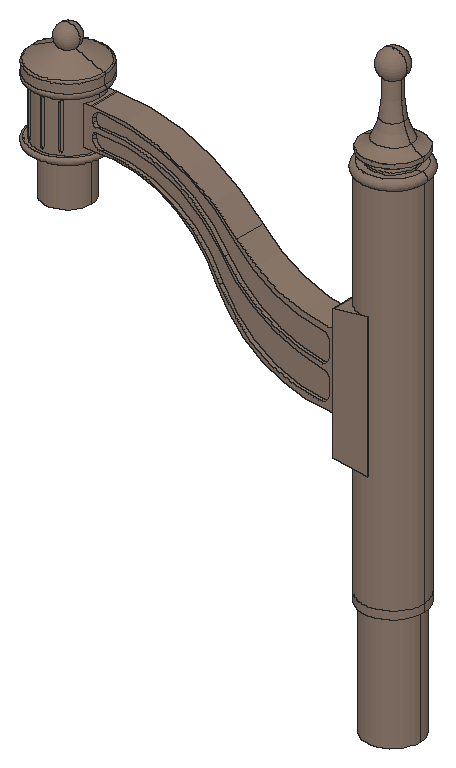
Revit family "PA611", category Generic Models, Revit 2014
Parameters
  TOP CAP = Bronze, Architectural
  TENON = Bronze, Architectural
  OUTLET = Bronze, Architectural
  BODY = Bronze, Architectural
  ARM = Bronze, Architectural
Reference planes (in)
  plane 1 "Center (Front/Back)": y = 0
  plane 2: z = 0
  plane 3 "Center (Left/Right)": x = 0
Forms (in)
  Revolve 1, solid, material "Bronze, Architectural" <- "TENON"
    sketch origin (0, 0, 0) x (1, 0, 0) y (0, 0, 1)
      loop
        line (-1.75, 0) -> (0, 0) -> (0, 8) -> (-1.75, 8) -> (-1.75, 0)
      axis (0, 8) -> (0, 0)
    angle from 0 to 360
  Revolve 2, solid, material "Bronze, Architectural" <- "TENON"
    sketch origin (0, 0, 0) x (1, 0, 0) y (0, 0, 1)
      loop
        line (-2, 8) -> (-2, 7.5) -> (0, 7.5) -> (0, 8) -> (-2, 8)
      axis (0, 7.5) -> (0, 8)
    angle from 0 to 360
  Revolve 3, solid, material "Bronze, Architectural" <- "TOP CAP"
    sketch origin (0, 0, 10.5) x (1, 0, 0) y (0, 0, 1)
      loop
        arc (0, 28.60256) -> (-0.84921, 28.00063) -> (-0.5625, 27) r 0.9
        arc (-0.5625, 27) -> (-0.5644, 25.81763) -> (-0.69523, 24.64252) r 10.82607
        arc (-0.69523, 24.64252) -> (-0.87486, 24.05077) -> (-1.16421, 23.50422) r 3.22287
        arc (-1.16421, 23.50422) -> (-1.49599, 23.16796) -> (-1.9375, 23) r 1.11068
        line (-1.9375, 23) -> (-1.9375, 22.75)
        arc (-1.9375, 22.75) -> (-1.58731, 22.63427) -> (-1.325, 22.375) r 0.80817
        arc (-1.325, 22.375) -> (-1.41339, 22.33839) -> (-1.45, 22.25) r 0.125
        line (-1.45, 22.25) -> (-1.45, 22.125) -> (-1.875, 22.125)
        arc (-1.875, 22.125) -> (-2.1875, 21.8125) -> (-1.875, 21.5) r 0.3125
        line (-1.875, 21.5) -> (0, 21.5) -> (0, 28.60256)
      axis (0, 21.5) -> (0, 28.60256)
    angle from 0 to 360
  Revolve 4, solid, material "Bronze, Architectural" <- "BODY"
    sketch origin (0, 0, 0) x (1, 0, 0) y (0, 0, 1)
      loop
        line (-2, 8) -> (0, 8) -> (0, 32) -> (-2, 32) -> (-2, 8)
      axis (0, 32) -> (0, 8)
    angle from 0 to 360
  Extrusion 5, solid, material "Bronze, Architectural" <- "ARM"
    sketch origin (0, 0, -2.99899) x (1, 0, 0) y (0, 0, 1)
      loop
        line (0, 27.58476) -> (-2.14488, 27.28534)
        arc (-2.14488, 27.28534) -> (-2.2219, 27.24359) -> (-2.2526, 27.16154) r 0.125
        line (-2.2526, 27.16154) -> (-2.2526, 18.83846)
        arc (-2.2526, 18.83846) -> (-2.22187, 18.75644) -> (-2.14488, 18.71466) r 0.12513
        line (-2.14488, 18.71466) -> (0, 18.41322) -> (0, 27.58476)
    from -2 to 2
  Extrusion 6, solid, material "Bronze, Architectural" <- "ARM"
    sketch origin (0, 0, -2.99899) x (1, 0, 0) y (0, 0, 1)
      loop
        line (-2.2526, 27.07007) -> (-2.39762, 27.04654)
        arc (-2.39762, 27.04654) -> (-2.4728, 27.00415) -> (-2.5026, 26.92315) r 0.125
        line (-2.5026, 26.92315) -> (-2.5026, 19.07685)
        arc (-2.5026, 19.07685) -> (-2.4728, 18.99585) -> (-2.39762, 18.95346) r 0.125
        line (-2.39762, 18.95346) -> (-2.2526, 18.92993) -> (-2.2526, 27.07007)
    from -1.5 to 1.5
  Revolve 7, void
    sketch origin (0, 0, 0) x (1, 0, 0) y (0, 0, 1)
      loop
        line (0, 8) -> (-1.3125, 8) -> (-1.3125, 0) -> (0, 0) -> (0, 8)
      axis (0, 8) -> (0, 0)
    angle from 0 to 360
  Revolve 8, solid, material "Bronze, Architectural" <- "ARM"
    sketch origin (0, 0, 32.50101) x (1, 0, 0) y (0, 0, -1)
      loop
        arc (-23.0026, 6.125) -> (-23.15275, 5.9375) -> (-23.0026, 5.75) r 0.19215
        line (-23.0026, 5.75) -> (-22.77775, 5.75) -> (-22.77775, 2.375) -> (-23.0026, 2.375)
        arc (-23.0026, 2.375) -> (-23.15275, 2.1875) -> (-23.0026, 2) r 0.19215
        line (-23.0026, 2) -> (-23.1276, 2) -> (-23.1276, 1.44166)
        arc (-23.1276, 1.44166) -> (-23.10439, 1.36911) -> (-23.0434, 1.3235) r 0.125
        line (-23.0434, 1.3235) -> (-21.28702, 0.524)
        arc (-21.28702, 0.524) -> (-21.44439, -0.2919) -> (-20.7526, -0.7522) r 0.75
        line (-20.7526, -0.7522) -> (-20.7526, 6.125) -> (-23.0026, 6.125)
      axis (-20.7526, 6.125) -> (-20.7526, -0.7522)
    angle from 0 to 360
  Revolve 9, solid, material "Bronze, Architectural" <- "OUTLET"
    sketch origin (0, 0, 32.50101) x (1, 0, 0) y (0, 0, -1)
      loop
        line (-19.2526, 9.125) -> (-20.7526, 9.125) -> (-20.7526, 6.125) -> (-19.2526, 6.125) -> (-19.2526, 9.125)
      axis (-20.7526, 9.125) -> (-20.7526, 6.125)
    angle from 0 to 360
  Extrusion 10, solid, material "Bronze, Architectural" <- "ARM"
    sketch origin (0, 0, 43.00101) x (1, 0, 0) y (0, 0, 1)
      loop
        line (-2.5026, -26.7406) -> (-2.5026, -19.2594) -> (-2.65321, -19.29093)
        arc (-2.65321, -19.29093) -> (-2.72462, -19.33446) -> (-2.7526, -19.41327) r 0.125
        line (-2.7526, -19.41327) -> (-2.7526, -20.125)
        arc (-2.7526, -20.125) -> (-2.89904, -20.47855) -> (-3.2526, -20.625) r 0.5
        arc (-3.2526, -20.625) -> (-6.48591, -19.70049) -> (-9.14133, -17.63704) r 8.85485
        arc (-9.14133, -17.63704) -> (-13.27681, -14.47353) -> (-18.35245, -13.3125) r 12.25478
        line (-18.35245, -13.3125) -> (-18.47745, -13.3125) -> (-19.29511, -13.3125) -> (-19.29511, -15.8125) -> (-18.47745, -15.8125) -> (-18.35245, -15.8125)
        arc (-18.35245, -15.8125) -> (-13.60223, -16.95042) -> (-10.44759, -20.67971) r 7.84023
        arc (-10.44759, -20.67971) -> (-7.52622, -24.06344) -> (-3.2526, -25.375) r 8.07644
        arc (-3.2526, -25.375) -> (-2.89904, -25.52145) -> (-2.7526, -25.875) r 0.5
        line (-2.7526, -25.875) -> (-2.7526, -26.58673)
        arc (-2.7526, -26.58673) -> (-2.72462, -26.66554) -> (-2.65321, -26.70907) r 0.125
        line (-2.65321, -26.70907) -> (-2.5026, -26.7406)
    from -1 to 1
  Extrusion 11, void
    sketch origin (0, 0, 43.00101) x (1, 0, 0) y (0, 0, 1)
      loop
        arc (-3.26352, -23.58215) -> (-3.40313, -23.23557) -> (-3.744, -23.08253) r 0.5
        arc (-3.744, -23.08253) -> (-7.47149, -21.61346) -> (-10.22993, -18.70772) r 9.26306
        arc (-10.22993, -18.70772) -> (-13.63703, -15.65922) -> (-18.10245, -14.67853) r 8.9981
        arc (-18.10245, -14.67853) -> (-18.27922, -14.75175) -> (-18.35245, -14.92853) r 0.25
        line (-18.35245, -14.92853) -> (-18.35245, -15.15485)
        arc (-18.35245, -15.15485) -> (-18.2037, -15.51396) -> (-17.84459, -15.66271) r 0.50786
        arc (-17.84459, -15.66271) -> (-13.30063, -16.996) -> (-10.26854, -20.63354) r 8.13702
        arc (-10.26854, -20.63354) -> (-7.61421, -23.67646) -> (-3.80213, -25.00797) r 7.89113
        arc (-3.80213, -25.00797) -> (-3.42389, -24.87642) -> (-3.26352, -24.50946) r 0.5
        line (-3.26352, -24.50946) -> (-3.26352, -23.58215)
      loop
        line (-18.35245, -13.95428) -> (-18.35245, -14.18853)
        arc (-18.35245, -14.18853) -> (-18.27922, -14.3653) -> (-18.10245, -14.43853) r 0.25
        arc (-18.10245, -14.43853) -> (-13.40756, -15.5305) -> (-9.92182, -18.85976) r 9.13615
        arc (-9.92182, -18.85976) -> (-7.27321, -21.51342) -> (-3.76352, -22.83215) r 8.84894
        arc (-3.76352, -22.83215) -> (-3.40996, -22.68571) -> (-3.26352, -22.33215) r 0.5
        line (-3.26352, -22.33215) -> (-3.26352, -21.40484)
        arc (-3.26352, -21.40484) -> (-3.3863, -21.07665) -> (-3.69436, -20.90965) r 0.5
        arc (-3.69436, -20.90965) -> (-6.74673, -19.89383) -> (-9.23537, -17.85532) r 8.86203
        arc (-9.23537, -17.85532) -> (-13.05237, -14.72262) -> (-17.82485, -13.45504) r 11.6354
        arc (-17.82485, -13.45504) -> (-18.19611, -13.5911) -> (-18.35245, -13.95428) r 0.5
    from -1 to -0.75
  Extrusion 12, void
    sketch origin (0.01092, 0, 43.00101) x (1, 0, 0) y (0, 0, 1)
      loop
        arc (-3.26352, -23.58215) -> (-3.40313, -23.23557) -> (-3.744, -23.08253) r 0.5
        arc (-3.744, -23.08253) -> (-7.47149, -21.61346) -> (-10.22993, -18.70772) r 9.26306
        arc (-10.22993, -18.70772) -> (-13.63703, -15.65922) -> (-18.10245, -14.67853) r 8.9981
        arc (-18.10245, -14.67853) -> (-18.27922, -14.75175) -> (-18.35245, -14.92853) r 0.25
        line (-18.35245, -14.92853) -> (-18.35245, -15.15485)
        arc (-18.35245, -15.15485) -> (-18.2037, -15.51396) -> (-17.84459, -15.66271) r 0.50786
        arc (-17.84459, -15.66271) -> (-13.30063, -16.996) -> (-10.26854, -20.63354) r 8.13702
        arc (-10.26854, -20.63354) -> (-7.61421, -23.67646) -> (-3.80213, -25.00797) r 7.89113
        arc (-3.80213, -25.00797) -> (-3.42389, -24.87642) -> (-3.26352, -24.50946) r 0.5
        line (-3.26352, -24.50946) -> (-3.26352, -23.58215)
      loop
        line (-18.35245, -13.95428) -> (-18.35245, -14.18853)
        arc (-18.35245, -14.18853) -> (-18.27922, -14.3653) -> (-18.10245, -14.43853) r 0.25
        arc (-18.10245, -14.43853) -> (-13.40756, -15.5305) -> (-9.92182, -18.85976) r 9.13615
        arc (-9.92182, -18.85976) -> (-7.27321, -21.51342) -> (-3.76352, -22.83215) r 8.84894
        arc (-3.76352, -22.83215) -> (-3.40996, -22.68571) -> (-3.26352, -22.33215) r 0.5
        line (-3.26352, -22.33215) -> (-3.26352, -21.40484)
        arc (-3.26352, -21.40484) -> (-3.3863, -21.07665) -> (-3.69436, -20.90965) r 0.5
        arc (-3.69436, -20.90965) -> (-6.74673, -19.89383) -> (-9.23537, -17.85532) r 8.86203
        arc (-9.23537, -17.85532) -> (-13.05237, -14.72262) -> (-17.82485, -13.45504) r 11.6354
        arc (-17.82485, -13.45504) -> (-18.19611, -13.5911) -> (-18.35245, -13.95428) r 0.5
    from 0.75 to 1
  Revolve 13, void
    sketch origin (0, 0, 43.00101) x (1, 0, 0) y (0, 0, -1)
      loop
        line (-20.7526, 13.375) -> (-20.7526, 19.625) -> (-22.1276, 19.625) -> (-22.1276, 13.375) -> (-20.7526, 13.375)
      axis (-20.7526, 19.625) -> (-20.7526, 13.375)
    angle from 0 to 360
  Extrusion 14, void
    sketch origin (0, 0, 40.00202) x (1, 0, 0) y (0, 0, 1)
      loop
        line (-20.62967, -12.94042) -> (-20.62967, -10.19042)
        arc (-20.62967, -10.19042) -> (-20.75467, -10.06542) -> (-20.87967, -10.19042) r 0.125
        line (-20.87967, -10.19042) -> (-20.87967, -12.94042)
        arc (-20.87967, -12.94042) -> (-20.75467, -13.06542) -> (-20.62967, -12.94042) r 0.125
    from -2.375 to -1.95384
  Extrusion 15, void
    sketch origin (-2.7806, 10.37734, 40.00202) x (0.866025, 0.5, 0) y (0, 0, 1)
      loop
        line (-20.62967, -12.94042) -> (-20.62967, -10.19042)
        arc (-20.62967, -10.19042) -> (-20.75467, -10.06542) -> (-20.87967, -10.19042) r 0.125
        line (-20.87967, -10.19042) -> (-20.87967, -12.94042)
        arc (-20.87967, -12.94042) -> (-20.75467, -13.06542) -> (-20.62967, -12.94042) r 0.125
    from -2.375 to -1.96243
  Extrusion 16, void
    sketch origin (-10.37734, 17.97407, 40.00202) x (0.5, 0.866025, 0) y (0, 0, 1)
      loop
        line (-20.62967, -12.94042) -> (-20.62967, -10.19042)
        arc (-20.62967, -10.19042) -> (-20.75467, -10.06542) -> (-20.87967, -10.19042) r 0.125
        line (-20.87967, -10.19042) -> (-20.87967, -12.94042)
        arc (-20.87967, -12.94042) -> (-20.75467, -13.06542) -> (-20.62967, -12.94042) r 0.125
    from -2.375 to -1.96044
  Extrusion 17, void
    sketch origin (-20.77896, 20.75466, 40.00202) x (-0.00117, 0.999999, 0) y (0, 0, 1)
      loop
        line (-20.62967, -12.94042) -> (-20.62967, -10.19042)
        arc (-20.62967, -10.19042) -> (-20.75467, -10.06542) -> (-20.87967, -10.19042) r 0.125
        line (-20.87967, -10.19042) -> (-20.87967, -12.94042)
        arc (-20.87967, -12.94042) -> (-20.75467, -13.06542) -> (-20.62967, -12.94042) r 0.125
    from -2.375 to -1.97099
  Extrusion 18, void
    sketch origin (-31.13201, 17.97407, 40.00202) x (-0.5, 0.866025, 0) y (0, 0, 1)
      loop
        line (-20.62967, -12.94042) -> (-20.62967, -10.19042)
        arc (-20.62967, -10.19042) -> (-20.75467, -10.06542) -> (-20.87967, -10.19042) r 0.125
        line (-20.87967, -10.19042) -> (-20.87967, -12.94042)
        arc (-20.87967, -12.94042) -> (-20.75467, -13.06542) -> (-20.62967, -12.94042) r 0.125
    from -2.375 to -1.95506
  Extrusion 19, void
    sketch origin (-38.72874, 10.37734, 40.00202) x (-0.866025, 0.5, 0) y (0, 0, 1)
      loop
        line (-20.62967, -12.94042) -> (-20.62967, -10.19042)
        arc (-20.62967, -10.19042) -> (-20.75467, -10.06542) -> (-20.87967, -10.19042) r 0.125
        line (-20.87967, -10.19042) -> (-20.87967, -12.94042)
        arc (-20.87967, -12.94042) -> (-20.75467, -13.06542) -> (-20.62967, -12.94042) r 0.125
    from -2.375 to -1.95085
  Extrusion 20, void
    sketch origin (-41.50933, -0.0236, 40.00202) x (-0.999999, -0.001137, 0) y (0, 0, 1)
      loop
        line (-20.62967, -12.94042) -> (-20.62967, -10.19042)
        arc (-20.62967, -10.19042) -> (-20.75467, -10.06542) -> (-20.87967, -10.19042) r 0.125
        line (-20.87967, -10.19042) -> (-20.87967, -12.94042)
        arc (-20.87967, -12.94042) -> (-20.75467, -13.06542) -> (-20.62967, -12.94042) r 0.125
    from -2.375 to -1.97335
  Extrusion 21, void
    sketch origin (-2.7806, -10.37734, 40.00202) x (0.866025, -0.5, 0) y (0, 0, 1)
      loop
        line (-20.62967, -12.94042) -> (-20.62967, -10.19042)
        arc (-20.62967, -10.19042) -> (-20.75467, -10.06542) -> (-20.87967, -10.19042) r 0.125
        line (-20.87967, -10.19042) -> (-20.87967, -12.94042)
        arc (-20.87967, -12.94042) -> (-20.75467, -13.06542) -> (-20.62967, -12.94042) r 0.125
    from -2.375 to -1.96794
  Extrusion 22, void
    sketch origin (-38.72874, -10.37734, 40.00202) x (-0.866025, -0.5, 0) y (0, 0, 1)
      loop
        line (-20.62967, -12.94042) -> (-20.62967, -10.19042)
        arc (-20.62967, -10.19042) -> (-20.75467, -10.06542) -> (-20.87967, -10.19042) r 0.125
        line (-20.87967, -10.19042) -> (-20.87967, -12.94042)
        arc (-20.87967, -12.94042) -> (-20.75467, -13.06542) -> (-20.62967, -12.94042) r 0.125
    from -2.375 to -1.9637
Cuts and joins
  Revolve 7 cuts Revolve 1
  Revolve 7 cuts Revolve 2
  Revolve 7 cuts Revolve 4
  Extrusion 11, Extrusion 12 cuts Extrusion 10
  Revolve 13, Extrusion 14, Extrusion 15, Extrusion 16, Extrusion 17, Extrusion 18, Extrusion 19, Extrusion 20, Extrusion 21, Extrusion 22 cuts Revolve 8
  Revolve 13 cuts Revolve 9
Dimensions and locks (in)
  aligned and locked: plane 2 to level
